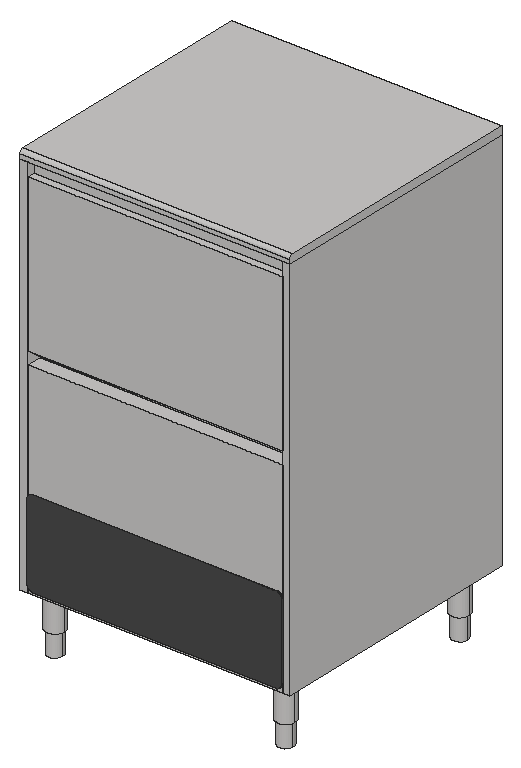
Revit family "QF_ZANUSSI_730305_ICB112I60SNP", category Attrezzature speciali, Revit 2018
Family settings
  Quota connettore circolare = Usa diametro
  Tipo di parte = Normale
  Basato su piano di lavoro = No
  Sempre verticale = Sì
  Taglio con vuoti quando caricato = No
  Condiviso = No
  Punto di calcolo locali = No
Parameters (values of type "Standard")
  Weight = 81.00 kg
  Watts = 0 W
  Volts = 220 V
  URL Manufacturer = "http://www.zanussiprofessional.com"
  URL = "http://www.zanussiprofessional.com"
  Steam Supply Size = 0 mm
  Steam Supply Minimum Pressure = 0.0 Pa
  Steam Supply Maximum Pressure = 0.0 Pa
  Steam Pounds per Hour = 0
  Show Logo [instance] = yes
  Show Clearance [instance] = yes
  Refrigeration Suction Line Size = 0 mm
  Refrigeration Liquid Line Size = 0 mm
  Refrigerant Compressor Remote = yes
  Produttore = "Zanussi"
  Phase = 1
  Modello = "ICB112I60SNP"
  Length Actual = 715 mm  # constant formula
  Item Number = "730305"
  Hot Water Size = 0 mm
  Height Actual = 1149 mm  # constant formula
  HP = "0 HP"
  Gas Size = 0 mm
  Gas KW = 0
  Gas Input Pressure = 0 W
  Descrizione = "AIR COOLED ICE CUBER 22GR 112KG/24H-BIN 60KG"
  Depth Actual = 700 mm  # constant formula
  Cycle = 50 Hz
  Condensate Return Size = 0 mm
  Compressed Air Volume = 0.0 L/s
  Compressed Air Size = 0 mm
  Compressed Air Pressure = 0.0 Pa
  Cold Water Size = 19.05 mm
  Accessory = yes
Reference planes
  plane 1 "Center X": y = 272.851
  plane 2: z = 0
  plane 3 "Center Y": x = -501.5
  plane 4 "LEFT": x = -859
  plane 5 "RIGHT": x = -144
  plane 6 "FRONT": y = -77.649
  plane 7 "BACK": y = 623.351
  plane 8: z = 154
  plane 9: z = 1198
  plane 10: z = 1178
  plane 11: x = -839
  plane 12: x = -164
  plane 13: y = -37.649
Forms (mm)
  Extrusion 1, solid, material "QF_Finishes_Black"
    sketch origin (-217.296, -77.649, 371.513) x (-1, 0, 0) y (0, 0, -1)
      loop
        arc (606.704, -20.487) -> (617.311, -16.093) -> (621.704, -5.487) r 15
        line (621.704, -5.487) -> (621.704, 195.469)
        arc (621.704, 195.469) -> (617.311, 206.075) -> (606.704, 210.469) r 15
        line (606.704, 210.469) -> (-38.296, 210.469)
        arc (-38.296, 210.469) -> (-48.903, 206.075) -> (-53.296, 195.469) r 15
        line (-53.296, 195.469) -> (-53.296, -5.487)
        arc (-53.296, -5.487) -> (-48.903, -16.093) -> (-38.296, -20.487) r 15
        line (-38.296, -20.487) -> (606.704, -20.487)
    from 0 to 2
  Extrusion 2, solid, material "QF_Finishes_Stainless Steel"
    sketch origin (-501.5, 0, 0) x (0, 1, 0) y (0, 0, 1)
      loop
        line (623.351, 1178) -> (623.351, 1198) -> (-67.649, 1198)
        arc (-67.649, 1198) -> (-74.72, 1195.071) -> (-77.649, 1188) r 10
        line (-77.649, 1188) -> (-77.649, 1178) -> (623.351, 1178)
    from -357.5 to 357.5
  Extrusion 3, solid, material "QF_Finishes_Stainless Steel"
    sketch origin (-446.7, 623.351, -284.545) x (1, 0, 0) y (0, 0, -1)
      loop
        circle (233.2, -654.545) r 10
    from 0 to 10
  Extrusion 4, solid, material "QF_Finishes_Stainless Steel"
    sketch origin (0, 0, 0) x (1, 0, 0) y (0, 1, 0)
      loop
        line (-859, 623.351) -> (-859, -77.649) -> (-839, -77.649) -> (-839, 623.351) -> (-859, 623.351)
    from 154 to 1178
  Extrusion 5, solid, material "QF_Finishes_Stainless Steel"
    sketch origin (0, 0, 0) x (1, 0, 0) y (0, 1, 0)
      loop
        line (-164, 623.351) -> (-164, -77.649) -> (-144, -77.649) -> (-144, 623.351) -> (-164, 623.351)
    from 154 to 1178
  Extrusion 6, solid, material "QF_Finishes_Stainless Steel"
    sketch origin (0, 0, 0) x (1, 0, 0) y (0, 1, 0)
      loop
        line (-839, 623.351) -> (-839, -37.649) -> (-164, -37.649) -> (-164, 623.351) -> (-839, 623.351)
    from 154 to 1178
  Extrusion 7, solid, material "QF_Finishes_Stainless Steel"
    sketch origin (0, 0, 0) x (1, 0, 0) y (0, 1, 0)
      loop
        line (-839, -77.649) -> (-164, -77.649) -> (-164, -37.649) -> (-839, -37.649) -> (-839, -77.649)
    from 154 to 695.994
  Extrusion 8, solid, material "QF_Finishes_Stainless Steel"
    sketch origin (-501.5, 0, 0) x (0, 1, 0) y (0, 0, 1)
      loop
        line (-37.649, 1178) -> (-57.649, 1178) -> (-57.649, 1142) -> (-77.649, 1142) -> (-77.649, 728.768) -> (-57.649, 728.768) -> (-57.649, 713.768) -> (-37.649, 713.768) -> (-37.649, 1178)
    from -337.5 to 337.5
  Extrusion 9, solid, material "QF_Finishes_Stainless Steel"
    sketch origin (-428.2, 623.351, -395.545) x (1, 0, 0) y (0, 0, -1)
      loop
        circle (233.2, -654.545) r 10
    from 0 to 10
  Extrusion 10, solid, material "QF_Finishes_Stainless Steel"
    sketch origin (-487.7, 623.351, -316.545) x (1, 0, 0) y (0, 0, -1)
      loop
        circle (233.2, -654.545) r 10
    from 0 to 10
Lines and regions (mm)
  Split face 1
    outline origin (-501.5, -57.649, 1178) x (0, 0, -1) y (1, 0, 0)
      loop
        line (5.715, 214.928) -> (30.715, 214.928) -> (30.715, 254.928) -> (5.715, 254.928) -> (5.715, 214.928)
  symbolic lines
    curve 1: line (-859, 623.351, 0) -> (-144, 623.351, 0)
    curve 2: line (-859, -77.649, 0) -> (-859, 623.351, 0)
    curve 3: line (-144, -77.649, 0) -> (-859, -77.649, 0)
    curve 4: line (-144, 623.351, 0) -> (-144, -77.649, 0)
Dimensions and locks
  equal spacing: plane 4 "LEFT", plane 3 "Center Y", plane 5 "RIGHT"
  plane 4 "LEFT" to plane 5 "RIGHT" = 715 mm
  equal spacing: plane 7 "BACK", plane 1 "Center X", plane 6 "FRONT"
  plane 7 "BACK" to plane 6 "FRONT" = 701 mm
  plane 8 to plane 2 = 154 mm
  plane 9 to plane 8 = 1044 mm
  locked: plane 4 "LEFT" to plane 11 at 20
  locked: plane 12 to plane 5 "RIGHT" at 20
  locked: plane 9 to plane 10 at 20
  locked: plane 13 to plane 6 "FRONT" at 40
  aligned and locked: level to plane 2
  aligned and locked: plane 5 "RIGHT" to Extrusion 2
  aligned and locked: Extrusion 2 to plane 4 "LEFT"
  aligned and locked: Extrusion 4 sketch curve to Extrusion 2  (x2)
  aligned and locked: plane 6 "FRONT" to Extrusion 4 sketch curve
  aligned and locked: Extrusion 4 sketch curve to plane 11
  aligned and locked: Extrusion 5 sketch curve to plane 7 "BACK"
  aligned and locked: plane 12 to Extrusion 5 sketch curve
  aligned and locked: Extrusion 5 sketch curve to Extrusion 2  (x2)
  aligned and locked: plane 10 to Extrusion 4
  aligned and locked: plane 10 to Extrusion 5
  aligned and locked: Extrusion 4 to plane 8
  aligned and locked: Extrusion 5 to plane 8
  aligned and locked: Extrusion 6 sketch curve to Extrusion 4
  aligned and locked: Extrusion 4 to Extrusion 6 sketch curve
  aligned and locked: plane 13 to Extrusion 6 sketch curve
  aligned and locked: Extrusion 6 sketch curve to plane 12
  aligned and locked: plane 10 to Extrusion 6
  aligned and locked: Extrusion 6 to plane 8
  aligned and locked: Extrusion 4 to Extrusion 7 sketch curve
  aligned and locked: Extrusion 7 sketch curve to Extrusion 4
  aligned and locked: plane 13 to Extrusion 7 sketch curve
  aligned and locked: plane 12 to Extrusion 7 sketch curve
  aligned and locked: Extrusion 7 to plane 8
  aligned and locked: plane 12 to Extrusion 8
  aligned and locked: Extrusion 8 to plane 11
Automatic sketch dimensions
  curve 3 to plane 4 "LEFT" = 0 mm
  curve 3 to plane 5 "RIGHT" = 0 mm
  curve 3 to plane 6 "FRONT" = 0 mm
  curve 2 to plane 7 "BACK" = 0 mm
  Extrusion 1 sketch curve to plane 12 = 0 mm
  plane 8 to Extrusion 1 sketch curve = 7.044 mm
  Extrusion 1 sketch curve to Extrusion 1 sketch curve = 15 mm  (x3)
  plane 11 to Extrusion 1 sketch curve = 15 mm  (x2)
  Extrusion 1 sketch curve to Extrusion 1 sketch curve = 200.956 mm
  Extrusion 2 sketch curve to plane 6 "FRONT" = 0 mm
  Extrusion 2 sketch curve to plane 9 = 0 mm
  Extrusion 2 sketch curve to plane 7 "BACK" = 0 mm
  Extrusion 2 sketch curve to plane 10 = 0 mm
  plane 6 "FRONT" to Extrusion 2 sketch curve = 10 mm
  Extrusion 6 to Extrusion 3 sketch curve = 216 mm
  Extrusion 3 sketch curve to Extrusion 6 = 49.5 mm
  Extrusion 8 sketch curve to plane 6 "FRONT" = 0 mm
  Extrusion 8 sketch curve to plane 10 = 0 mm
  Extrusion 8 sketch curve to plane 13 = 0 mm
  plane 6 "FRONT" to Extrusion 8 sketch curve = 20 mm  (x2)
  Extrusion 8 sketch curve to plane 10 = 36 mm
  Extrusion 8 sketch curve to Extrusion 8 sketch curve = 413.232 mm
  Extrusion 8 sketch curve to Extrusion 8 sketch curve = 15 mm
  Split face 1 sketch curve to Extrusion 8 = 5.715 mm
  Extrusion 8 to Split face 1 sketch curve = 5.285 mm
  Split face 1 sketch curve to Extrusion 8 = 122.572 mm
  Split face 1 sketch curve to Split face 1 sketch curve = 40 mm
  Extrusion 9 sketch curve to Extrusion 6 = 31 mm
  Extrusion 6 to Extrusion 9 sketch curve = 105 mm
  Extrusion 10 sketch curve to Extrusion 6 = 90.5 mm
  Extrusion 6 to Extrusion 10 sketch curve = 184 mm
  radius of Extrusion 3 sketch curve = 10 mm
  radius of Extrusion 9 sketch curve = 10 mm
  radius of Extrusion 10 sketch curve = 10 mm
Nested families
  nested 1: "Foot_Complete" at (-807, -26.649, 0), type "Foot_Complete"
  nested 2: "Foot_Complete" at (-196, -26.649, 0) x (-1, 0, 0) z (0, 0, 1), type "Foot_Complete"
  nested 3: "Foot_Complete" at (-807, 550.351, 0), type "Foot_Complete"
  nested 4: "Foot_Complete" at (-196, 550.351, 0) x (-1, 0, 0) z (0, 0, 1), type "Foot_Complete"
Connectors
  electrical at (-195, 633.351, 259), driven by "Volts"
    settings: on Extrusion 9, index 1, voltage 220 V, apparent load 0 VA, apparent load phase1 0 VA, apparent load phase2 0 VA, apparent load phase3 0 VA, power factor 1, load classification "Altro", number of poles 1, system type 30, power factor state 1, is connector primary yes, connector utility no, sub classification motor no, connector description "Electrical Connection"
  piping at (-213.5, 633.351, 370), diameter 20
    settings: on Extrusion 3, index 2, connector inside diameter 609.6 mm, connector length 0 mm, flow factor 0, pipe flow 0.0 L/s, pressure drop 0.0 Pa, fitting loss kfactor 0, connector angle 0.00°, fixture units 0, engagement length 0 mm, angle of deflection 0.00°, flow configuration 0, flow direction 0, fitting loss method 0, system type 20, joint type 0, gender type 0, connector reference index -1, connector utility 0, adjustable connector no, is connector primary yes, connector description "Cold water"
  piping at (-254.5, 633.351, 338), diameter 20
    settings: on Extrusion 10, index 3, connector inside diameter 609.6 mm, connector length 0 mm, flow factor 0, pipe flow 0.0 L/s, pressure drop 0.0 Pa, fitting loss kfactor 0, connector angle 0.00°, fixture units 0, engagement length 0 mm, angle of deflection 0.00°, flow configuration 0, flow direction 0, fitting loss method 0, system type 16, joint type 0, gender type 0, connector reference index -1, connector utility 0, adjustable connector no, is connector primary no, connector description "Drain"
Definition of nested family "Foot_Complete"
  Parameters (values of type "Foot_Complete")
    R = 25 mm
    H = 153 mm
  Reference planes
    plane 1 "Centro (Fronte/Retro)": y = 0
    plane 2: z = 0
    plane 3 "Centro (Sinistra/Destra)": x = 0
    plane 4: z = 153
  Forms (mm)
    Revolve 1, solid
      sketch origin (255.05, 0, 608.09) x (0, 0, 1) y (-1, 0, 0)
        loop
          line (-608.09, 255.05) -> (-608.09, 235.05) -> (-548.09, 235.05) -> (-548.09, 230.05) -> (-455.09, 230.05) -> (-455.09, 255.05) -> (-608.09, 255.05)
        axis (-608.09, 255.05) -> (-455.09, 255.05)
      angle from 0 to 360
  Dimensions and locks
    level to Revolve 1 sketch curve = 60 mm
    "R": Revolve 1 sketch curve to plane 3 "Centro (Sinistra/Destra)"
    "H": plane 4 to level
    aligned and locked: level to plane 2
    aligned and locked: plane 4 to Revolve 1 sketch curve
    aligned and locked: Revolve 1 sketch curve to level
    aligned and locked: plane 3 "Centro (Sinistra/Destra)" to Revolve 1 sketch curve
  Automatic sketch dimensions
    Revolve 1 sketch curve to plane 3 "Centro (Sinistra/Destra)" = 0 mm
    plane 3 "Centro (Sinistra/Destra)" to Revolve 1 sketch curve = 20 mm
    Revolve 1 sketch curve to Revolve 1 sketch curve = 50 mm
    Revolve 1 sketch curve to Revolve 1 sketch curve = 20 mm
